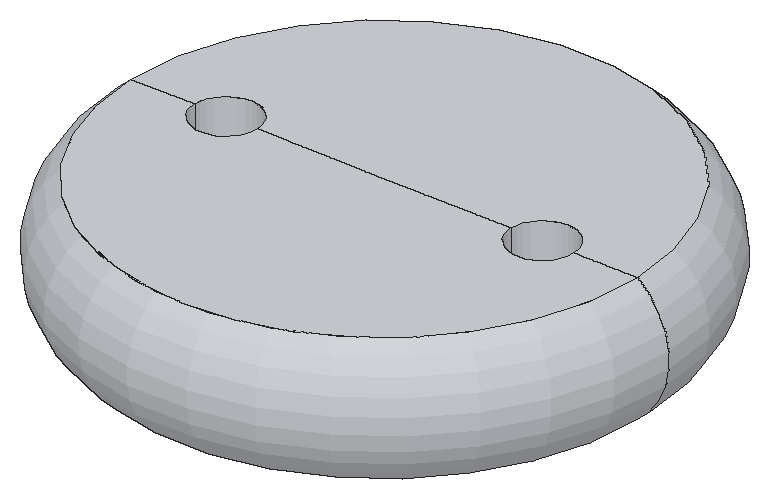
Revit family "65c116bb3c59482ca0e2b91bec03bb07", category Lighting Devices, host Face, Revit 2021
Family settings
  Host = Face
  Maintain Annotation Orientation = Yes
  Round Connector Dimension = Use Diameter
  Part Type = Switch
  OmniClass Number = 23.85.80.11.27
  OmniClass Title = Lighting Controls
  Seek Item ID = Ceiling Occupancy Sensor - Low Voltage-0000-USA-ENU
  Cut with Voids When Loaded = No
  Shared = No
  Room Calculation Point = No
Parameters (values of type "Ultrasonic")
  Visibilty 2 = no
  Visibility 3 = yes
  Visibility 1 = no
  Lens Material = none
  Default Elevation = 4' - 0"
  Cover Radius = 0' - 2 1/4"
  Cover Material = none
  Cover Height = 0' - 1"
  Cover Diameter = Cover Radius * 2  # 0' - 4 1/2"
Types (4): name | Visibilty 2 | Visibility 3 | Visibility 1
  (no name) | no | yes | no
  Passive Infrared | yes | no | yes
  Ultrasonic | no | yes | no
  Dual Technology | yes | yes | no
Reference planes (in)
  plane 1 "Center (Front/Back)": y = 0
  plane 2: z = 0
  plane 3 "Center (Left/Right)": x = 0
  plane 4: x = 2.25
  plane 5: x = -2.25
  plane 6: x = -2
  plane 7: x = 2
  plane 8: z = 1
  plane 9: z = 0.5
  plane 10: x = 0.75
  plane 11: x = -1.25
  plane 12: x = 1.25
  plane 13: y = 2.25
  plane 14: y = -2.25
Forms (in)
  Revolve 1, solid, material <- "Cover Material", visible <- "Visibility 3"
    sketch origin (0, 0, 0) x (1, 0, 0) y (0, 0, 1)
      loop
        arc (-2, 1) -> (-2.25, 0.5) -> (-2, 0) r 0.625
        line (-2, 0) -> (0, 0) -> (0, 1) -> (-2, 1)
      axis (0, 1) -> (0, 0)
    angle from 0 to 360
  Revolve 2, solid, material <- "Lens Material", visible <- "Visibilty 2"
    sketch origin (0, 0, 0) x (1, 0, 0) y (0, 0, 1)
      loop
        line (0, 1) -> (0.75, 1)
        arc (0.75, 1) -> (0.39528, 1.18585) -> (0, 1.25) r 1.25
        line (0, 1.25) -> (0, 1)
      axis (0, 1.25) -> (0, 1)
    angle from 0 to 360
  Extrusion 3, void
    sketch origin (0, 0, 0) x (1, 0, 0) y (0, 1, 0)
      loop
        circle (-1.25, 0) r 0.25
    from 0.5 to 1
  Extrusion 4, void
    sketch origin (0, 0, 0) x (1, 0, 0) y (0, 1, 0)
      loop
        circle (1.25, 0) r 0.25
    from 0.5 to 1
  Revolve 5, solid, material <- "Cover Material", visible <- "Visibility 1"
    sketch origin (0, 0, 0) x (1, 0, 0) y (0, 0, 1)
      loop
        arc (-2, 1) -> (-2.25, 0.5) -> (-2, 0) r 0.625
        line (-2, 0) -> (0, 0) -> (0, 1) -> (-2, 1)
      axis (0, 1) -> (0, 0)
    angle from 0 to 360
Cuts and joins
  Extrusion 3, Extrusion 4 cuts Revolve 1
Lines and regions (in)
  symbolic lines, detail levels coarse+medium
    curve 1: line (-2.25, 0, 0) -> (0, 2.25, 0)
    curve 2: line (0, 2.25, 0) -> (2.25, 0, 0)
    curve 3: line (2.25, 0, 0) -> (0, -2.25, 0)
    curve 4: line (0, -2.25, 0) -> (-2.25, 0, 0)
  symbolic lines, detail levels fine
    curve 5: circle (0, 0, 0) r 2.25 normal (0, 0, 1)
    curve 6: circle (0, 0, 0) r 2 normal (0, 0, 1)
  symbolic lines, visible <- "Visibilty 2", detail levels fine
    curve 7: circle (0, 0, 0) r 0.75 normal (0, 0, 1)
  symbolic lines, visible <- "Visibility 3", detail levels fine
    curve 8: circle (1.25, 0, 0) r 0.25 normal (0, 0, 1)
    curve 9: circle (-1.25, 0, 0) r 0.25 normal (0, 0, 1)
Dimensions and locks (in)
  equal spacing: plane 5, plane 3 "Center (Left/Right)", plane 4
  "Cover Diameter": plane 5 to plane 4
  plane 7 to plane 3 "Center (Left/Right)" to plane 6 = 0' - 2" locked, 0' - 2" locked
  locked: plane 10 to plane 3 "Center (Left/Right)" at 0.75
  plane 11 to plane 3 "Center (Left/Right)" to plane 12 = 0' - 1 1/4" locked, 0' - 1 1/4" locked
  equal spacing: plane 14, plane 1 "Center (Front/Back)", plane 13
  "Cover Diameter": plane 14 to plane 13
  equal spacing: plane 8, plane 9, plane 2
  "Cover Height": plane 8 to plane 2
  radius of Extrusion 3 sketch curve = 0' - 0 1/4"
  radius of Extrusion 4 sketch curve = 0' - 0 1/4"
  "Cover Radius": radius of curve 5
  radius of curve 6 = 0' - 2"
  radius of curve 7 = 0' - 0 3/4"
  radius of curve 8 = 0' - 0 1/4"
  radius of curve 9 = 0' - 0 1/4"
  aligned and locked: plane 2 to host face
  aligned and locked: level to host face
  aligned and locked: Revolve 1 sketch curve to plane 8
  aligned and locked: host face to Revolve 1 sketch curve  (x2)
  aligned and locked: Revolve 1 sketch curve to plane 3 "Center (Left/Right)"  (x2)
  aligned and locked: plane 6 to Revolve 1 sketch curve  (x2)
  aligned and locked: plane 8 to Revolve 1 sketch curve
  aligned and locked: Revolve 2 sketch curve to plane 8
  aligned and locked: plane 10 to Revolve 2 sketch curve
  aligned and locked: plane 3 "Center (Left/Right)" to Revolve 2 sketch curve
  aligned and locked: Revolve 2 sketch curve to plane 3 "Center (Left/Right)"
  aligned and locked: plane 8 to Revolve 2 sketch curve
  aligned and locked: plane 1 "Center (Front/Back)" to Extrusion 3 sketch curve
  aligned and locked: plane 11 to Extrusion 3 sketch curve
  aligned and locked: plane 1 "Center (Front/Back)" to Extrusion 4 sketch curve
  aligned and locked: plane 12 to Extrusion 4 sketch curve
  aligned and locked: plane 8 to cut or joined group of Revolve 1, Extrusion 3, Extrusion 4
  aligned and locked: plane 8 to Extrusion 3
  aligned and locked: Extrusion 3 to plane 9
  aligned and locked: plane 8 to Extrusion 4
  aligned and locked: Extrusion 4 to plane 9
  aligned and locked: Revolve 5 sketch curve to plane 8
  aligned and locked: plane 2 to Revolve 5 sketch curve  (x2)
  aligned and locked: Revolve 5 sketch curve to plane 3 "Center (Left/Right)"  (x2)
  aligned and locked: plane 6 to Revolve 5 sketch curve  (x2)
  aligned and locked: plane 8 to Revolve 5 sketch curve
  aligned and locked: plane 1 "Center (Front/Back)" to nested 1
  aligned and locked: plane 3 "Center (Left/Right)" to nested 1
  aligned and locked: plane 1 "Center (Front/Back)" to curve 5
  aligned and locked: plane 3 "Center (Left/Right)" to curve 5
  aligned and locked: plane 1 "Center (Front/Back)" to curve 6
  aligned and locked: plane 3 "Center (Left/Right)" to curve 6
  aligned and locked: plane 1 "Center (Front/Back)" to curve 7
  aligned and locked: plane 3 "Center (Left/Right)" to curve 7
  aligned and locked: plane 1 "Center (Front/Back)" to curve 8
  aligned and locked: plane 1 "Center (Front/Back)" to curve 9
  aligned and locked: plane 12 to curve 8
  aligned and locked: plane 11 to curve 9
Automatic sketch dimensions
  host sketch curve to host sketch curve = 8' - 0"  (x2)
  plane 6 to Revolve 1 sketch curve = 0' - 0 3/8"
  Revolve 2 sketch curve to level = 0' - 0"
  Revolve 2 sketch curve to Revolve 2 sketch curve = 0' - 0"
  plane 6 to Revolve 5 sketch curve = 0' - 0 3/8"
  curve 3 to plane 3 "Center (Left/Right)" = 0' - 0"
  curve 2 to plane 1 "Center (Front/Back)" = 0' - 0"
Nested families (in)
  nested 1: "Label Annotation 3-32" at (0, 0, 0), type "Label Annotation 3-32", detail levels coarse+medium
Connectors (in)
  electrical at (0, 0, 1)
    settings: on Revolve 2, index 1, voltage 0 V, apparent load 0 VA, apparent load phase1 0 VA, apparent load phase2 0 VA, apparent load phase3 0 VA, power factor 1, load classification "Other", number of poles 1, system type 13, power factor state 1, is connector primary yes, connector utility no, sub classification motor no, connector description ""
Definition of nested family "Label Annotation 3-32"
  Parameters
    Label = ""
  Reference planes (in)
    plane 1: y = 0
    plane 2: x = 0
  Text (in)
    label "Label" at (0.00375, -0.00345, 0), shows "Label"
